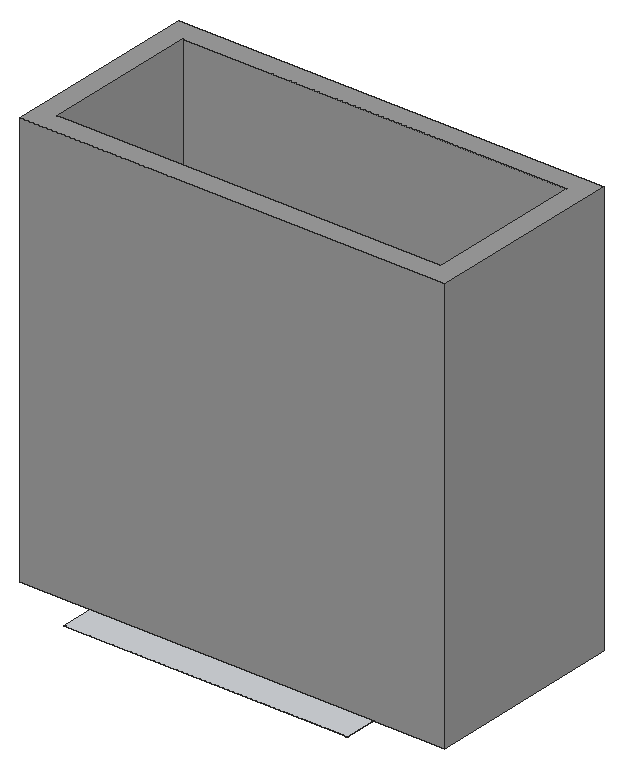
Revit family "WLL_room_template", category Walls, Revit 2025
Family settings
  Work Plane-Based = No
  Always vertical = No
  Cut with Voids When Loaded = No
  Shared = Yes
Parameters
  Type IFC Predefined Type = "PARTITIONING"
  Structural Material = none
  HSL_drofus_room_func_no [instance] = ""
  HSL_WIDTH [instance] = 2367.295 mm
  HSL_ROOM_NUMBER [instance] = ""
  HSL_ROOM_NAME_SHORT [instance] = ""
  HSL_ROOM_NAME [instance] = ""
  HSL_HEIGHT [instance] = 2438.4 mm
  HSL_GROSS_FLOOR_AREA [instance] = 0.00 m²
  HSL_DEPT_CODE [instance] = ""
  HSL_DEPTH [instance] = 1044.001 mm
  HSL_DEPARTMENT_2 [instance] = ""
  HSL_DEPARTMENT_1 [instance] = ""
  HSL_DEPARTMENT [instance] = ""
  HSL_CLIENT_REQ_AREA_DIFF_PERC [instance] = if(HSL_GROSS_FLOOR_AREA - HSL_CLIENT_REQ_AREA = 0.00 m², 0, if(HSL_CLIENT_REQ_AREA = 0.00 m², 9999, 100 * (HSL_GROSS_FLOOR_AREA - HSL_CLIENT_REQ_AREA) / HSL_CLIENT_REQ_AREA))  # 0
  HSL_CLIENT_REQ_AREA_DIFF [instance] = HSL_GROSS_FLOOR_AREA - HSL_CLIENT_REQ_AREA  # 0.00 m²
  HSL_CLIENT_REQ_AREA [instance] = 0.00 m²
  Export Type to IFC As = "IfcWallType"
Reference planes
  plane 1: z = 0
  plane 2: z = 2438.4
  plane 3: x = 0
  plane 4: y = 0
Forms (mm)
  Extrusion 1, solid, material <- "Structural Material", detail levels medium+fine
    sketch origin (230.945, 0, 0) x (1, 0, 0) y (0, 1, 0)
      loop
        line (-1474.593, 582) -> (-1474.593, -582) -> (1012.703, -582) -> (1012.703, 582) -> (-1474.593, 582)
      loop
        line (-1354.593, 462) -> (-1354.593, -462) -> (892.703, -462) -> (892.703, 462) -> (-1354.593, 462)
    from 0 to 2438.4 <- "HSL_HEIGHT"
  Extrusion 2, solid, not visible, detail levels coarse
    sketch origin (230.945, 0, 0) x (1, 0, 0) y (0, 1, 0)
      loop
        line (-1474.593, 582) -> (-1474.593, -582) -> (1012.703, -582) -> (1012.703, 582) -> (-1474.593, 582)
      loop
        line (-1354.593, 462) -> (-1354.593, -462) -> (892.703, -462) -> (892.703, 462) -> (-1354.593, 462)
    from 0 to 2438.4 <- "HSL_HEIGHT"
Dimensions and locks
  "HSL_HEIGHT": plane 2 to level
  aligned and locked: nested 2 to plane 3
  aligned and locked: nested 2 to plane 4
  aligned and locked: nested 3 to plane 3
  aligned and locked: nested 3 to plane 4
Automatic sketch dimensions
  Extrusion 1 sketch curve to Extrusion 1 sketch curve = 120 mm  (x4)
  Extrusion 2 sketch curve to Extrusion 2 sketch curve = 120 mm  (x4)
  Extrusion 1 sketch curve to Extrusion 1 sketch curve = 2247.295 mm
  Extrusion 2 sketch curve to Extrusion 2 sketch curve = 2247.295 mm
  Extrusion 1 sketch curve to Extrusion 1 sketch curve = 924.001 mm
  Extrusion 2 sketch curve to Extrusion 2 sketch curve = 924.001 mm
Nested families
  nested 1: "ANN_Planning_nested_tag" at (-1.878, 0, 0), HSL_DEPTH <- "HSL_DEPTH", HSL_WIDTH <- "HSL_WIDTH", HSL_ROOM_NAME_SHORT <- "HSL_ROOM_NAME_SHORT", HSL_drofus_room_func_no <- "HSL_drofus_room_func_no", HSL_CLIENT_REQ_AREA <- "HSL_CLIENT_REQ_AREA", HSL_GROSS_FLOOR_AREA <- "HSL_GROSS_FLOOR_AREA", type "ANN_Planning_nested_tag"
    with HSL_drofus_room_func_no "", HSL_WIDTH 2367.295 mm, HSL_ROOM_NAME_SHORT "", HSL_ID_INSTANCE "", HSL_GROSS_FLOOR_AREA 0.00 m², HSL_DEPTH 1044.001 mm, HSL_CLIENT_REQ_AREA 0.00 m²
  nested 2: "GEN_Inner_Nested_template" at (0, 0, 0), HSL_DEPARTMENT <- "HSL_DEPARTMENT", HSL_DEPARTMENT_1 <- "HSL_DEPARTMENT_1", HSL_DEPARTMENT_2 <- "HSL_DEPARTMENT_2", HSL_ROOM_NUMBER <- "HSL_ROOM_NUMBER", HSL_drofus_room_func_no <- "HSL_drofus_room_func_no", HSL_CLIENT_REQ_AREA_DIFF <- "HSL_CLIENT_REQ_AREA_DIFF", HSL_CLIENT_REQ_AREA_DIFF_PERC <- "HSL_CLIENT_REQ_AREA_DIFF_PERC", HSL_DEPTH <- "HSL_DEPTH", HSL_HEIGHT <- "HSL_HEIGHT", HSL_WIDTH <- "HSL_WIDTH", HSL_DEPT_CODE <- "HSL_DEPT_CODE", type "Rectangle_Inner_Nested", detail levels medium+fine
    with HSL_drofus_room_func_no "", HSL_WIDTH 2367.295 mm, HSL_ROOM_NUMBER "", HSL_HEIGHT 2438.4 mm, HSL_DEPTH 1044.001 mm, HSL_DEPARTMENT_2 "", HSL_DEPARTMENT_1 "", HSL_DEPARTMENT "", HSL_CLIENT_REQ_AREA_DIFF_PERC 0, HSL_CLIENT_REQ_AREA_DIFF 0.00 m²
  nested 3: "GEN_Inner_Nested_Coarse_template" at (0, 0, 0), HSL_DEPTH <- "HSL_DEPTH", HSL_HEIGHT <- "HSL_HEIGHT", HSL_WIDTH <- "HSL_WIDTH", HSL_DEPARTMENT <- "HSL_DEPARTMENT", HSL_DEPARTMENT_1 <- "HSL_DEPARTMENT_1", HSL_DEPARTMENT_2 <- "HSL_DEPARTMENT_2", HSL_ROOM_NUMBER <- "HSL_ROOM_NUMBER", HSL_drofus_room_func_no <- "HSL_drofus_room_func_no", HSL_CLIENT_REQ_AREA_DIFF <- "HSL_CLIENT_REQ_AREA_DIFF", HSL_CLIENT_REQ_AREA_DIFF_PERC <- "HSL_CLIENT_REQ_AREA_DIFF_PERC", HSL_DEPT_CODE <- "HSL_DEPT_CODE", type "Rectangle_Inner_Nested", detail levels coarse
    with HSL_drofus_room_func_no "", HSL_WIDTH 2367.295 mm, HSL_ROOM_NUMBER "", HSL_HEIGHT 2438.4 mm, HSL_DEPTH 1044.001 mm, HSL_DEPARTMENT_2 "", HSL_DEPARTMENT_1 "", HSL_DEPARTMENT "", HSL_CLIENT_REQ_AREA_DIFF_PERC 0, HSL_CLIENT_REQ_AREA_DIFF 0.00 m²
Definition of nested family "GEN_Inner_Nested_template"
  Parameters (values of type "Rectangle_Inner_Nested")
    Learning Link = ""
    HSL_drofus_room_func_no [instance] = ""
    HSL_WIDTH [instance] = 1880 mm
    HSL_ROOM_NUMBER [instance] = ""
    HSL_HEIGHT [instance] = 1574.089 mm
    HSL_DEPT_CODE [instance] = ""
    HSL_DEPTH [instance] = 1766.032 mm
    HSL_DEPARTMENT_2 [instance] = ""
    HSL_DEPARTMENT_1 [instance] = ""
    HSL_DEPARTMENT [instance] = ""
    HSL_CLIENT_REQ_AREA_DIFF_PERC [instance] = 0
    HSL_CLIENT_REQ_AREA_DIFF [instance] = 0.00 m²
    Default Elevation = 0 mm
  Reference planes
    plane 1 "Center (Front/Back)": y = 0
    plane 2: z = 0
    plane 3 "Center (Left/Right)": x = 0
    plane 4: z = 1574.089
  Forms (mm)
    Extrusion 1, solid, detail levels medium+fine
      sketch origin (0, 0, 0) x (1, 0, 0) y (0, 1, 0)
        loop
          line (-832.073, 775.089) -> (-832.073, -775.089) -> (832.073, -775.089) -> (832.073, 775.089) -> (-832.073, 775.089)
      from 0 to 1
  Lines and regions (mm)
    model lines, detail levels medium+fine
      curve 1: line (0, 0, 0) -> (0, 0, 1574.089)
  Dimensions and locks
    "HSL_HEIGHT": plane 4 to level
    aligned and locked: level to plane 2
    aligned and locked: plane 4 to curve 1
    aligned and locked: level to curve 1
    aligned and locked: plane 3 "Center (Left/Right)" to curve 1
  Automatic sketch dimensions
    plane 3 "Center (Left/Right)" to Extrusion 1 sketch curve = 832.073 mm
    Extrusion 1 sketch curve to plane 3 "Center (Left/Right)" = 832.073 mm
    Extrusion 1 sketch curve to plane 1 "Center (Front/Back)" = 775.089 mm
    plane 1 "Center (Front/Back)" to Extrusion 1 sketch curve = 775.089 mm
Definition of nested family "ANN_Planning_nested_tag"
  Parameters (values of type "ANN_Planning_nested_tag")
    Learning Link = ""
    HSL_drofus_room_func_no [instance] = "00.00.00"
    HSL_WIDTH [instance] = 2000 mm
    HSL_ROOM_NAME_SHORT [instance] = "SAMPLE"
    HSL_ID_INSTANCE [instance] = ""
    HSL_GROSS_FLOOR_AREA [instance] = 60.00 m²
    HSL_DEPTH [instance] = 3000 mm
    HSL_CLIENT_REQ_AREA [instance] = 30.00 m²
    Default Elevation = 0 mm
  Reference planes
    plane 1 "Center (Front/Back)": y = 0
    plane 2: z = 0
    plane 3 "Center (Left/Right)": x = 0
  Dimensions and locks
    aligned and locked: level to plane 2
  Nested families
    nested 1: "SYM_Planning_Annotation" at (-30, -159.812, 0), HSL_GROSS_FLOOR_AREA <- "HSL_GROSS_FLOOR_AREA", HSL_ROOM_NAME_SHORT <- "HSL_ROOM_NAME_SHORT", HSL_drofus_room_func_no <- "HSL_drofus_room_func_no", HSL_DEPTH <- "HSL_DEPTH", HSL_WIDTH <- "HSL_WIDTH", HSL_CLIENT_REQ_AREA <- "HSL_CLIENT_REQ_AREA", type "SYM_Planning_Annotation"
      with HSL_drofus_room_func_no "00.00.00", HSL_WIDTH 2000 mm, HSL_ROOM_NAME_SHORT "SAMPLE", HSL_GROSS_FLOOR_AREA 60.00 m², HSL_DEPTH 3000 mm, HSL_CLIENT_REQ_AREA 30.00 m²
  Definition of nested family "SYM_Planning_Annotation"
    Parameters (values of type "SYM_Planning_Annotation")
      HSL_drofus_room_func_no [instance] = ""
      HSL_WIDTH [instance] = 0 mm
      HSL_ROOM_NAME_SHORT [instance] = ""
      HSL_GROSS_FLOOR_AREA [instance] = 0.00 m²
      HSL_DEPTH [instance] = 0 mm
      HSL_CLIENT_REQ_AREA [instance] = 0.00 m²
    Reference planes
      plane 1: y = 0
      plane 2: x = 0
    Text (mm)
      label "HSL_WIDTH/ HSL_DEPTH\nHSL_drofus_room_func_no\nHSL_ROOM_NAME_SHORT\nHSL_GROSS_FLOOR_AREA /  [HSL_CLIENT_REQ_AREA]" at (1.878, 17.288, 0), shows "HSL_WIDTH", "HSL_DEPTH", "HSL_drofus_room_func_no", "HSL_ROOM_NAME_SHORT", "HSL_GROSS_FLOOR_AREA", "HSL_CLIENT_REQ_AREA"
Definition of nested family "GEN_Inner_Nested_Coarse_template"
  Parameters (values of type "Rectangle_Inner_Nested")
    Learning Link = ""
    HSL_drofus_room_func_no [instance] = ""
    HSL_WIDTH [instance] = 2000 mm
    HSL_ROOM_NUMBER [instance] = ""
    HSL_HEIGHT [instance] = 1574.089 mm
    HSL_DEPT_CODE [instance] = ""
    HSL_DEPTH [instance] = 2000 mm
    HSL_DEPARTMENT_2 [instance] = ""
    HSL_DEPARTMENT_1 [instance] = ""
    HSL_DEPARTMENT [instance] = ""
    HSL_CLIENT_REQ_AREA_DIFF_PERC [instance] = 0
    HSL_CLIENT_REQ_AREA_DIFF [instance] = 0.00 m²
    Default Elevation = 0 mm
  Reference planes
    plane 1 "Center (Front/Back)": y = 0
    plane 2: z = 0
    plane 3 "Center (Left/Right)": x = 0
    plane 4: z = 1574.089
  Forms (mm)
    Extrusion 1, solid, detail levels coarse
      sketch origin (0, 0, 0) x (1, 0, 0) y (0, 1, 0)
        loop
          arc (-700, 900) -> (-841.421, 841.421) -> (-900, 700) r 200
          line (-900, 700) -> (-900, -700)
          arc (-900, -700) -> (-841.421, -841.421) -> (-700, -900) r 200
          line (-700, -900) -> (700, -900)
          arc (700, -900) -> (841.421, -841.421) -> (900, -700) r 200
          line (900, -700) -> (900, 700)
          arc (900, 700) -> (841.421, 841.421) -> (700, 900) r 200
          line (700, 900) -> (-700, 900)
      from 0 to 1
  Lines and regions (mm)
    model lines, detail levels coarse
      curve 1: line (0, 0, 0) -> (0, 0, 1574.089)
    symbolic lines, detail levels coarse
      curve 2: line (700, 900, 0) -> (-700, 900, 0)
      curve 3: line (900, -700, 0) -> (900, 700, 0)
      curve 4: line (-700, -900, 0) -> (700, -900, 0)
      curve 5: line (-900, 700, 0) -> (-900, -700, 0)
      curve 6: arc (700, 900, 0) -> (841.421, 841.421, 0) -> (900, 700, 0) r 200
      curve 7: arc (-700, 900, 0) -> (-841.421, 841.421, 0) -> (-900, 700, 0) r 200
      curve 8: arc (700, -900, 0) -> (841.421, -841.421, 0) -> (900, -700, 0) r 200
  Dimensions and locks
    "HSL_HEIGHT": plane 4 to level
    aligned and locked: level to plane 2
    aligned and locked: plane 4 to curve 1
    aligned and locked: level to curve 1
    aligned and locked: plane 3 "Center (Left/Right)" to curve 1
  Automatic sketch dimensions
    curve 5 to curve 7 = 200 mm
    curve 6 to curve 6 = 200 mm
    Extrusion 1 sketch curve to Extrusion 1 sketch curve = 200 mm  (x3)
    curve 8 to curve 8 = 200 mm
    plane 3 "Center (Left/Right)" to curve 6 = 700 mm
    plane 3 "Center (Left/Right)" to Extrusion 1 sketch curve = 700 mm
    curve 2 to plane 3 "Center (Left/Right)" = 700 mm
    plane 1 "Center (Front/Back)" to curve 4 = 900 mm
    curve 6 to plane 1 "Center (Front/Back)" = 700 mm
    curve 5 to curve 4 = 200 mm
    curve 4 to curve 5 = 200 mm
    Extrusion 1 sketch curve to plane 3 "Center (Left/Right)" = 700 mm  (x2)
    plane 1 "Center (Front/Back)" to Extrusion 1 sketch curve = 900 mm
    Extrusion 1 sketch curve to plane 1 "Center (Front/Back)" = 700 mm
